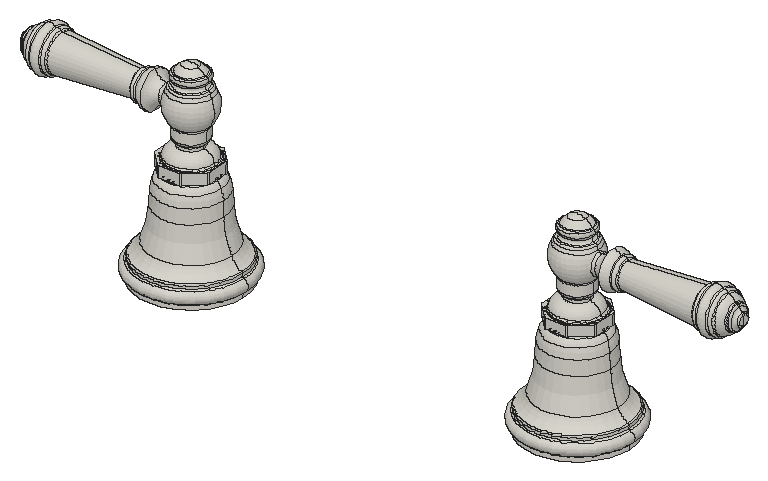
Revit family "Shower-Trim-KOHLER-ARTIFACTS-K-97038BR_1", category Plumbing Fixtures, host Face, Revit 2017 (continued)
Definition of nested family "K-97038BR"
  Automatic sketch dimensions
    curve 86 to curve 85 = 0.21249"
    curve 65 to curve 64 = 0.02265"
    curve 85 to curve 84 = 0.04039"
    curve 76 to curve 75 = 0.07237"
    curve 75 to curve 74 = 0.00359"
    curve 74 to curve 73 = 0.01937"
    curve 73 to curve 72 = 0.01682"
    curve 64 to curve 63 = 0.10744"
    curve 63 to curve 62 = 0.01523"
    curve 84 to curve 77 = 0.10602"
    curve 62 to curve 61 = 0.02315"
    curve 61 to curve 60 = 0.08583"
    curve 60 to curve 60 = 0.26633"
    curve 60 to curve 61 = 0.08583"
    curve 61 to curve 62 = 0.02315"
    curve 62 to curve 63 = 0.01523"
    curve 72 to plane 14 = 0.49535"
    curve 72 to curve 73 = 0.01682"
    curve 73 to curve 74 = 0.01937"
    curve 74 to curve 75 = 0.00359"
    curve 77 to curve 83 = 0.07215"
    curve 83 to curve 82 = 0.03072"
    curve 63 to curve 64 = 0.10744"
    curve 71 to plane 14 = 0.38326"
    curve 75 to curve 76 = 0.07237"
    curve 64 to curve 65 = 0.02265"
    curve 71 to curve 70 = 0.01651"
    curve 65 to curve 66 = 0.02545"
    curve 70 to curve 69 = 0.02112"
    curve 69 to curve 68 = 0.00958"
    curve 66 to curve 67 = 0.00982"
    curve 82 to curve 81 = 0.11326"
    curve 81 to curve 80 = 0.03661"
    curve 80 to curve 79 = 0.07955"
    curve 79 to curve 78 = 0.01773"
    Revolve 1 sketch curve to level = 0"  (x2)
    Revolve 1 sketch curve to plane 4 = 0"  (x3)
    Revolve 1 sketch curve to plane 14 = 0"
    Revolve 1 sketch curve to plane 4 = 0.23196"
    Revolve 1 sketch curve to plane 4 = 0.23699"
    Revolve 1 sketch curve to plane 4 = 0.25047"
    Revolve 1 sketch curve to Revolve 1 sketch curve = 0.04542"
    Revolve 1 sketch curve to Revolve 1 sketch curve = 0.03508"
    Revolve 1 sketch curve to Revolve 1 sketch curve = 0.03042"
    Revolve 1 sketch curve to Revolve 1 sketch curve = 0.00189"
    Revolve 1 sketch curve to Revolve 1 sketch curve = 0.05975"
    Revolve 1 sketch curve to Revolve 1 sketch curve = 0.03985"
    Revolve 1 sketch curve to Revolve 1 sketch curve = 0.06538"
    Revolve 1 sketch curve to Revolve 1 sketch curve = 0.00577"
    Revolve 1 sketch curve to plane 4 = 0.35486"
    Revolve 1 sketch curve to Revolve 1 sketch curve = 0.03707"
    Revolve 1 sketch curve to Revolve 1 sketch curve = 0.05779"
    Revolve 1 sketch curve to Revolve 1 sketch curve = 0.25968"
    Revolve 1 sketch curve to Revolve 1 sketch curve = 0.00979"
    Revolve 1 sketch curve to Revolve 1 sketch curve = 0.01206"
    Revolve 1 sketch curve to Revolve 1 sketch curve = 0.02323"
    Revolve 1 sketch curve to Revolve 1 sketch curve = 0.00772"
    Revolve 1 sketch curve to Revolve 1 sketch curve = 0.03737"
    Revolve 1 sketch curve to Revolve 1 sketch curve = 0.00253"
    Revolve 1 sketch curve to Revolve 1 sketch curve = 0.37291"
    plane 7 to Revolve 1 sketch curve = 0.15117"
    plane 7 to Revolve 1 sketch curve = 0.1234"
    Revolve 1 sketch curve to Revolve 1 sketch curve = 0.0328"
    plane 7 to Revolve 1 sketch curve = 0.10074"
    Revolve 1 sketch curve to Revolve 1 sketch curve = 0.02903"
    Revolve 1 sketch curve to Revolve 1 sketch curve = 7/256"
    Revolve 1 sketch curve to plane 7 = 0.09831"
    Revolve 1 sketch curve to plane 13 = 0.85423"
    plane 4 to Revolve 1 sketch curve = 0.10568"
    plane 4 to Revolve 1 sketch curve = 0.14488"
    Revolve 1 sketch curve to plane 11 = 1.05667"
    Revolve 1 sketch curve to Revolve 1 sketch curve = 0.0902"
    Revolve 1 sketch curve to Revolve 1 sketch curve = 0.13819"
    Revolve 1 sketch curve to Revolve 1 sketch curve = 0.14469"
    Revolve 1 sketch curve to Revolve 1 sketch curve = 0.05464"
    Revolve 1 sketch curve to Revolve 1 sketch curve = 0.44392"
    level to Revolve 1 sketch curve = 1.11105"
    Revolve 1 sketch curve to Revolve 1 sketch curve = 0.54062"
    level to Revolve 1 sketch curve = 1.56074"
    Revolve 1 sketch curve to Revolve 1 sketch curve = 0.17513"
    Revolve 1 sketch curve to Revolve 1 sketch curve = 0.23624"
    Revolve 1 sketch curve to Revolve 1 sketch curve = 0.05401"
    Revolve 1 sketch curve to Revolve 1 sketch curve = 0.15011"
    Revolve 1 sketch curve to Revolve 1 sketch curve = 0.02327"
    Revolve 1 sketch curve to Revolve 1 sketch curve = 0.00954"
    Revolve 1 sketch curve to Revolve 1 sketch curve = 0.03174"
    Revolve 1 sketch curve to Revolve 1 sketch curve = 0.23929"
    Revolve 1 sketch curve to Revolve 1 sketch curve = 0.05623"
    Revolve 1 sketch curve to Revolve 1 sketch curve = 0.09649"
    Revolve 1 sketch curve to Revolve 1 sketch curve = 0.21249"
    Revolve 1 sketch curve to Revolve 1 sketch curve = 0.37448"
    Revolve 1 sketch curve to Revolve 1 sketch curve = 0.29552"
    Revolve 1 sketch curve to Revolve 1 sketch curve = 0.30444"
    Revolve 1 sketch curve to Revolve 1 sketch curve = 0.10409"
    Revolve 1 sketch curve to plane 14 = 0.33365"
    Revolve 1 sketch curve to Revolve 1 sketch curve = 0.15987"
    Revolve 1 sketch curve to Revolve 1 sketch curve = 0.0765"
    Revolve 1 sketch curve to Revolve 1 sketch curve = 0.03094"
    Revolve 1 sketch curve to Revolve 1 sketch curve = 0.01405"
    Revolve 1 sketch curve to Revolve 1 sketch curve = 0.04796"
    Revolve 1 sketch curve to Revolve 1 sketch curve = 0.0669"
    Revolve 1 sketch curve to Revolve 1 sketch curve = 0"  (x15)
    Revolve 1 sketch curve to Revolve 1 sketch curve = 0.03133"
    Revolve 1 sketch curve to Revolve 1 sketch curve = 0.01889"
    Revolve 1 sketch curve to Revolve 1 sketch curve = 0.37368"
    Extrusion 2 sketch curve to plane 4 = 0.55"
    Extrusion 2 sketch curve to plane 1 "Center (Front/Back)" = 0.2404"  (x2)
    Extrusion 2 sketch curve to Extrusion 2 sketch curve = 0.01259"  (x2)
    plane 1 "Center (Front/Back)" to Extrusion 2 sketch curve = 0.24047"
    Extrusion 2 sketch curve to Extrusion 2 sketch curve = 0.01266"
    Extrusion 2 sketch curve to Extrusion 2 sketch curve = 0.03038"  (x9)
    Extrusion 2 sketch curve to Extrusion 2 sketch curve = 0.03055"
    Extrusion 2 sketch curve to plane 4 = 0.2404"  (x2)
    plane 4 to Extrusion 2 sketch curve = 0.21002"  (x2)
    Extrusion 2 sketch curve to Extrusion 2 sketch curve = 0.29701"  (x4)
    plane 1 "Center (Front/Back)" to Extrusion 2 sketch curve = 0.2404"
    Extrusion 2 sketch curve to Extrusion 2 sketch curve = 0.29711"
    Extrusion 2 sketch curve to Extrusion 2 sketch curve = 0"
    plane 13 to Revolve 3 sketch curve = 0"
    plane 13 to Revolve 3 sketch curve = 0.00264"
    Revolve 3 sketch curve to Revolve 3 sketch curve = 0.02827"
    Revolve 3 sketch curve to plane 13 = 0.12122"
    Revolve 3 sketch curve to Revolve 3 sketch curve = 0.03155"
    Revolve 3 sketch curve to Revolve 3 sketch curve = 0.14593"
    Revolve 3 sketch curve to Revolve 3 sketch curve = 0.2259"
    Revolve 3 sketch curve to Revolve 3 sketch curve = 0.08175"
    Revolve 3 sketch curve to Revolve 3 sketch curve = 0.04028"
    Revolve 3 sketch curve to Revolve 3 sketch curve = 0.11033"
    Revolve 3 sketch curve to Revolve 3 sketch curve = 0.10963"
    Revolve 3 sketch curve to Revolve 3 sketch curve = 0.03994"
    Revolve 3 sketch curve to Revolve 3 sketch curve = 0.06991"
    Revolve 3 sketch curve to Revolve 3 sketch curve = 0.00208"
    plane 7 to Revolve 3 sketch curve = 0.12917"
    Revolve 3 sketch curve to Revolve 3 sketch curve = 0.00192"
    Revolve 3 sketch curve to Revolve 3 sketch curve = 0.07301"
    Revolve 3 sketch curve to Revolve 3 sketch curve = 0.04944"
    Revolve 3 sketch curve to Revolve 3 sketch curve = 0.18093"
    Revolve 3 sketch curve to Revolve 3 sketch curve = 0.23708"
    Revolve 3 sketch curve to Revolve 3 sketch curve = 0.01901"
    Revolve 3 sketch curve to Revolve 3 sketch curve = 0.10829"
    Revolve 3 sketch curve to plane 4 = 0.15062"
    Revolve 3 sketch curve to plane 14 = 0.7586"
    Revolve 3 sketch curve to Revolve 3 sketch curve = 0.10575"
    Revolve 3 sketch curve to Revolve 3 sketch curve = 0.04105"
    Revolve 3 sketch curve to plane 14 = 0.59369"
    Revolve 3 sketch curve to Revolve 3 sketch curve = 0.11065"
    Revolve 3 sketch curve to Revolve 3 sketch curve = 0.12319"
    Revolve 3 sketch curve to Revolve 3 sketch curve = 0.02575"
    Revolve 3 sketch curve to Revolve 3 sketch curve = 0.24755"
    Revolve 3 sketch curve to Revolve 3 sketch curve = 0.09596"
    Revolve 3 sketch curve to Revolve 3 sketch curve = 0.00238"
    Revolve 3 sketch curve to Revolve 3 sketch curve = 0.02951"
    Revolve 3 sketch curve to Revolve 3 sketch curve = 0.02752"
    Revolve 3 sketch curve to Revolve 3 sketch curve = 0.06137"
    Revolve 3 sketch curve to Revolve 3 sketch curve = 0.08102"
    Revolve 3 sketch curve to Revolve 3 sketch curve = 57/256"
    Revolve 3 sketch curve to Revolve 3 sketch curve = 0.22334"
    Revolve 3 sketch curve to Revolve 3 sketch curve = 0.00109"
    Revolve 3 sketch curve to Revolve 3 sketch curve = 0.00587"
    Revolve 3 sketch curve to Revolve 3 sketch curve = 0.03036"
    Revolve 3 sketch curve to Revolve 3 sketch curve = 0.02969"
    Revolve 3 sketch curve to Revolve 3 sketch curve = 0.06759"
    Revolve 3 sketch curve to Revolve 3 sketch curve = 0.0677"
    Revolve 3 sketch curve to Revolve 3 sketch curve = 17/128"
    Revolve 3 sketch curve to Revolve 3 sketch curve = 0"  (x13)
    Revolve 3 sketch curve to Revolve 3 sketch curve = 0.15961"
    Revolve 3 sketch curve to Revolve 3 sketch curve = 0.13082"
    Masking region 1 sketch curve to Masking region 1 sketch curve = 0"  (x62)
    plane 13 to Masking region 1 sketch curve = 0"
    Masking region 1 sketch curve to level = 0"
    Masking region 1 sketch curve to plane 4 = 0"  (x3)
    Masking region 1 sketch curve to plane 14 = 0"
    plane 13 to Masking region 1 sketch curve = 0.00264"  (x2)
    level to Masking region 1 sketch curve = 1.11105"  (x2)
    plane 13 to Masking region 1 sketch curve = 2.27011"
    Masking region 1 sketch curve to Masking region 1 sketch curve = 0.02827"  (x2)
    Masking region 1 sketch curve to plane 13 = 0.12122"  (x2)
    Masking region 1 sketch curve to Masking region 1 sketch curve = 0.03155"  (x2)
    Masking region 1 sketch curve to Masking region 1 sketch curve = 0.14593"  (x2)
    Masking region 1 sketch curve to Masking region 1 sketch curve = 0.2259"  (x2)
    Masking region 1 sketch curve to Masking region 1 sketch curve = 0.08175"  (x2)
    Masking region 1 sketch curve to Masking region 1 sketch curve = 0.04028"  (x2)
    Masking region 1 sketch curve to Masking region 1 sketch curve = 0.11033"  (x2)
    Masking region 1 sketch curve to Masking region 1 sketch curve = 0.10963"  (x2)
    Masking region 1 sketch curve to Masking region 1 sketch curve = 0.03994"  (x2)
    Masking region 1 sketch curve to Masking region 1 sketch curve = 0.06991"  (x2)
    Masking region 1 sketch curve to Masking region 1 sketch curve = 0.00208"  (x2)
    Masking region 1 sketch curve to plane 13 = 0.85423"
    Masking region 1 sketch curve to plane 7 = 0.09831"
    plane 7 to Masking region 1 sketch curve = 0.0734"
    plane 7 to Masking region 1 sketch curve = 0.08933"
    Masking region 1 sketch curve to Masking region 1 sketch curve = 7/256"  (x2)
    Masking region 1 sketch curve to Masking region 1 sketch curve = 0.02903"  (x2)
    plane 7 to Masking region 1 sketch curve = 0.1234"
    plane 7 to Masking region 1 sketch curve = 0.12917"  (x2)
    Masking region 1 sketch curve to Masking region 1 sketch curve = 0.00192"  (x2)
    Masking region 1 sketch curve to Masking region 1 sketch curve = 0.0328"  (x2)
    Masking region 1 sketch curve to Masking region 1 sketch curve = 0.07301"  (x2)
    Masking region 1 sketch curve to Masking region 1 sketch curve = 0.04944"  (x2)
    Masking region 1 sketch curve to Masking region 1 sketch curve = 0.15706"
    Masking region 1 sketch curve to Masking region 1 sketch curve = 0.18093"  (x2)
    Masking region 1 sketch curve to plane 4 = 0.54862"
    Masking region 1 sketch curve to Masking region 1 sketch curve = 0.00253"  (x2)
    Masking region 1 sketch curve to Masking region 1 sketch curve = 0.01847"
    Masking region 1 sketch curve to Masking region 1 sketch curve = 0.02619"  (x2)
    Masking region 1 sketch curve to Masking region 1 sketch curve = 0.03737"
    Masking region 1 sketch curve to Masking region 1 sketch curve = 0.02116"
    Masking region 1 sketch curve to Masking region 1 sketch curve = 0.03095"
    Masking region 1 sketch curve to Masking region 1 sketch curve = 0.26095"
    Masking region 1 sketch curve to Masking region 1 sketch curve = 0.23708"
    Masking region 1 sketch curve to Masking region 1 sketch curve = 0.00863"
    Masking region 1 sketch curve to Masking region 1 sketch curve = 0.01672"
    Masking region 1 sketch curve to Masking region 1 sketch curve = 0.01901"  (x2)
    Masking region 1 sketch curve to Masking region 1 sketch curve = 0.10861"
    Masking region 1 sketch curve to Masking region 1 sketch curve = 0.09294"
    Masking region 1 sketch curve to Masking region 1 sketch curve = 0.19377"
    Masking region 1 sketch curve to Masking region 1 sketch curve = 0.13462"
    Masking region 1 sketch curve to Masking region 1 sketch curve = 0.03707"  (x2)
    Masking region 1 sketch curve to Masking region 1 sketch curve = 0.14738"
    Masking region 1 sketch curve to Masking region 1 sketch curve = 0.01519"
    Masking region 1 sketch curve to Masking region 1 sketch curve = 0.07015"
    Masking region 1 sketch curve to Masking region 1 sketch curve = 0.00189"  (x2)
    Masking region 1 sketch curve to Masking region 1 sketch curve = 0.03985"  (x2)
    Masking region 1 sketch curve to Masking region 1 sketch curve = 0.03042"  (x2)
    Masking region 1 sketch curve to Masking region 1 sketch curve = 0.05975"  (x2)
    Masking region 1 sketch curve to plane 4 = 0.23699"
    Masking region 1 sketch curve to Masking region 1 sketch curve = 0.04542"  (x2)
    Masking region 1 sketch curve to plane 4 = 0.14488"
    Masking region 1 sketch curve to plane 4 = 0.10568"
    plane 4 to Masking region 1 sketch curve = 0.10568"
    plane 4 to Masking region 1 sketch curve = 0.14488"
    plane 4 to Masking region 1 sketch curve = 0.23196"
    plane 4 to Masking region 1 sketch curve = 0.23699"
    plane 4 to Masking region 1 sketch curve = 0.25047"
    Masking region 1 sketch curve to Masking region 1 sketch curve = 0.03508"
    Masking region 1 sketch curve to Masking region 1 sketch curve = 0.06538"
    Masking region 1 sketch curve to Masking region 1 sketch curve = 0.00577"
    Masking region 1 sketch curve to Masking region 1 sketch curve = 0.20998"
    Masking region 1 sketch curve to Masking region 1 sketch curve = 0.05779"
    Masking region 1 sketch curve to Masking region 1 sketch curve = 0.25968"
    Masking region 1 sketch curve to Masking region 1 sketch curve = 0.00979"
    Masking region 1 sketch curve to Masking region 1 sketch curve = 0.01206"
    Masking region 1 sketch curve to Masking region 1 sketch curve = 0.02323"
    Masking region 1 sketch curve to Masking region 1 sketch curve = 0.00772"
    Masking region 1 sketch curve to Masking region 1 sketch curve = 0.37291"
    plane 8 to Masking region 1 sketch curve = 0.15117"
    plane 8 to Masking region 1 sketch curve = 0.1234"
    plane 8 to Masking region 1 sketch curve = 0.10074"
    Masking region 1 sketch curve to plane 8 = 0.09831"
    Masking region 1 sketch curve to Masking region 1 sketch curve = 0.0902"  (x2)
    Masking region 1 sketch curve to Masking region 1 sketch curve = 0.13819"  (x2)
    Masking region 1 sketch curve to Masking region 1 sketch curve = 0.14469"  (x2)
    Masking region 1 sketch curve to Masking region 1 sketch curve = 0.05464"  (x2)
    Masking region 1 sketch curve to Masking region 1 sketch curve = 0.44392"  (x2)
    Masking region 1 sketch curve to Masking region 1 sketch curve = 0.54062"  (x2)
    Masking region 1 sketch curve to Masking region 1 sketch curve = 0.68911"
    Masking region 1 sketch curve to Masking region 1 sketch curve = 0.17513"  (x2)
    Masking region 1 sketch curve to Masking region 1 sketch curve = 0.23624"  (x2)
    Masking region 1 sketch curve to Masking region 1 sketch curve = 0.05401"  (x2)
    Masking region 1 sketch curve to Masking region 1 sketch curve = 0.15011"  (x2)
    Masking region 1 sketch curve to Masking region 1 sketch curve = 0.02327"  (x2)
    Masking region 1 sketch curve to Masking region 1 sketch curve = 0.00954"  (x2)
    Masking region 1 sketch curve to Masking region 1 sketch curve = 0.03174"  (x2)
    Masking region 1 sketch curve to Masking region 1 sketch curve = 0.23929"  (x2)
    Masking region 1 sketch curve to Masking region 1 sketch curve = 0.05623"  (x2)
    Masking region 1 sketch curve to Masking region 1 sketch curve = 0.09649"  (x2)
    Masking region 1 sketch curve to Masking region 1 sketch curve = 0.1255"
    Masking region 1 sketch curve to plane 14 = 1.19643"
    Masking region 1 sketch curve to Masking region 1 sketch curve = 0.00077"
    Masking region 1 sketch curve to Masking region 1 sketch curve = 0.03203"
    Masking region 1 sketch curve to Masking region 1 sketch curve = 0.03733"
    Masking region 1 sketch curve to Masking region 1 sketch curve = 0.02969"  (x2)
    Masking region 1 sketch curve to Masking region 1 sketch curve = 0.08699"
    Masking region 1 sketch curve to Masking region 1 sketch curve = 0.21249"
    Masking region 1 sketch curve to Masking region 1 sketch curve = 0.06651"
    Masking region 1 sketch curve to Masking region 1 sketch curve = 0.0677"  (x2)
    Masking region 1 sketch curve to Masking region 1 sketch curve = 0.00587"  (x2)
    Masking region 1 sketch curve to Masking region 1 sketch curve = 0.04584"
    Masking region 1 sketch curve to Masking region 1 sketch curve = 0.00633"
    Masking region 1 sketch curve to Masking region 1 sketch curve = 0.03147"
    Masking region 1 sketch curve to Masking region 1 sketch curve = 0.12885"
    Masking region 1 sketch curve to Masking region 1 sketch curve = 0.02752"  (x2)
    Masking region 1 sketch curve to Masking region 1 sketch curve = 0.00238"  (x2)
    Masking region 1 sketch curve to Masking region 1 sketch curve = 0.07071"
    Masking region 1 sketch curve to Masking region 1 sketch curve = 0.02951"  (x2)
    Masking region 1 sketch curve to Masking region 1 sketch curve = 0.01321"
    Masking region 1 sketch curve to Masking region 1 sketch curve = 0.02575"  (x2)
    Masking region 1 sketch curve to Masking region 1 sketch curve = 0.15733"
    Masking region 1 sketch curve to Masking region 1 sketch curve = 0.22334"  (x2)
    Masking region 1 sketch curve to Masking region 1 sketch curve = 0.12319"  (x2)
    Masking region 1 sketch curve to Masking region 1 sketch curve = 0.10575"  (x2)
    Masking region 1 sketch curve to Masking region 1 sketch curve = 0.37448"
    Masking region 1 sketch curve to Masking region 1 sketch curve = 0.2936"
    Masking region 1 sketch curve to Masking region 1 sketch curve = 0.32981"
    Masking region 1 sketch curve to Masking region 1 sketch curve = 0.11065"
    Masking region 1 sketch curve to Masking region 1 sketch curve = 0.09596"
    Masking region 1 sketch curve to Masking region 1 sketch curve = 0.10388"
    Masking region 1 sketch curve to Masking region 1 sketch curve = 0.29552"
    Masking region 1 sketch curve to Masking region 1 sketch curve = 0.0268"
    Masking region 1 sketch curve to Masking region 1 sketch curve = 0.00892"
    Masking region 1 sketch curve to Masking region 1 sketch curve = 0.06137"
    Masking region 1 sketch curve to Masking region 1 sketch curve = 0.05978"
    Masking region 1 sketch curve to Masking region 1 sketch curve = 57/256"
    Masking region 1 sketch curve to Masking region 1 sketch curve = 0.00109"
    Masking region 1 sketch curve to Masking region 1 sketch curve = 0.10409"  (x2)
    Masking region 1 sketch curve to Masking region 1 sketch curve = 0.03036"
    Masking region 1 sketch curve to plane 14 = 0.33365"
    Masking region 1 sketch curve to Masking region 1 sketch curve = 0.10271"
    Masking region 1 sketch curve to Masking region 1 sketch curve = 0.06759"
    Masking region 1 sketch curve to Masking region 1 sketch curve = 17/128"
    Masking region 1 sketch curve to Masking region 1 sketch curve = 0.15987"
    Masking region 1 sketch curve to Masking region 1 sketch curve = 0.0765"  (x2)
    Masking region 1 sketch curve to Masking region 1 sketch curve = 0.03094"  (x2)
    Masking region 1 sketch curve to Masking region 1 sketch curve = 0.01405"  (x2)
    Masking region 1 sketch curve to Masking region 1 sketch curve = 0.04796"  (x2)
    Masking region 1 sketch curve to Masking region 1 sketch curve = 0.0669"  (x2)
    Masking region 1 sketch curve to Masking region 1 sketch curve = 0.02464"
    Masking region 1 sketch curve to Masking region 1 sketch curve = 0.15961"
    Masking region 1 sketch curve to Masking region 1 sketch curve = 0.03986"
    Masking region 1 sketch curve to Masking region 1 sketch curve = 0.03133"
    Masking region 1 sketch curve to Masking region 1 sketch curve = 0.01889"
    Masking region 2 sketch curve to level = 0"
    Masking region 2 sketch curve to plane 1 "Center (Front/Back)" = 0"
    plane 1 "Center (Front/Back)" to Masking region 2 sketch curve = 0.00378"  (x2)
    plane 1 "Center (Front/Back)" to Masking region 2 sketch curve = 0.1019"
    plane 1 "Center (Front/Back)" to Masking region 2 sketch curve = 0.1411"
    plane 1 "Center (Front/Back)" to Masking region 2 sketch curve = 0.23574"
    plane 1 "Center (Front/Back)" to Masking region 2 sketch curve = 0.24077"
    Masking region 2 sketch curve to Masking region 2 sketch curve = 0.01347"
    Masking region 2 sketch curve to Masking region 2 sketch curve = 0.04542"  (x2)
    Masking region 2 sketch curve to Masking region 2 sketch curve = 0.03508"  (x2)
    Masking region 2 sketch curve to Masking region 2 sketch curve = 0.03042"  (x2)
    Masking region 2 sketch curve to Masking region 2 sketch curve = 0.00189"  (x2)
    Masking region 2 sketch curve to Masking region 2 sketch curve = 0.05975"  (x2)
    Masking region 2 sketch curve to Masking region 2 sketch curve = 0.03985"  (x2)
    Masking region 2 sketch curve to Masking region 2 sketch curve = 0.06538"  (x2)
    Masking region 2 sketch curve to Masking region 2 sketch curve = 0.00577"  (x2)
    Masking region 2 sketch curve to Masking region 2 sketch curve = 0.21754"  (x2)
    Masking region 2 sketch curve to Masking region 2 sketch curve = 0.03707"  (x2)
    Masking region 2 sketch curve to Masking region 2 sketch curve = 0.05779"  (x2)
    Masking region 2 sketch curve to Masking region 2 sketch curve = 0.25968"  (x2)
    Masking region 2 sketch curve to Masking region 2 sketch curve = 0.00979"  (x2)
    Masking region 2 sketch curve to Masking region 2 sketch curve = 0.01206"  (x2)
    Masking region 2 sketch curve to Masking region 2 sketch curve = 0.02323"  (x2)
    Masking region 2 sketch curve to Masking region 2 sketch curve = 0.00772"  (x2)
    Masking region 2 sketch curve to Masking region 2 sketch curve = 0.03737"
    Masking region 2 sketch curve to Masking region 2 sketch curve = 0.00253"  (x2)
    Masking region 2 sketch curve to Masking region 2 sketch curve = 0.37291"  (x2)
    Masking region 2 sketch curve to plane 9 = 0.14739"
    Masking region 2 sketch curve to plane 9 = 0.11962"
    Masking region 2 sketch curve to Masking region 2 sketch curve = 0.0328"  (x2)
    Masking region 2 sketch curve to plane 9 = 0.09696"
    Masking region 2 sketch curve to Masking region 2 sketch curve = 0.02903"  (x2)
    Masking region 2 sketch curve to Masking region 2 sketch curve = 7/256"  (x2)
    plane 9 to Masking region 2 sketch curve = 0.10209"
    plane 9 to Masking region 2 sketch curve = 1.37396"
    level to Masking region 2 sketch curve = 1.11105"  (x2)
    Masking region 2 sketch curve to Masking region 2 sketch curve = 3.11677"  (x2)
    Masking region 2 sketch curve to plane 1 "Center (Front/Back)" = 0.00378"  (x2)
    Masking region 2 sketch curve to plane 1 "Center (Front/Back)" = 0.00675"
    Masking region 2 sketch curve to plane 1 "Center (Front/Back)" = 0.1019"
    Masking region 2 sketch curve to plane 1 "Center (Front/Back)" = 0.1411"
    Masking region 2 sketch curve to plane 1 "Center (Front/Back)" = 0.23574"
    Masking region 2 sketch curve to plane 1 "Center (Front/Back)" = 0.24077"
    Masking region 2 sketch curve to plane 1 "Center (Front/Back)" = 0.25425"
    Masking region 2 sketch curve to Masking region 2 sketch curve = 0.02619"
    Masking region 2 sketch curve to plane 6 = 0.14739"
    Masking region 2 sketch curve to plane 6 = 0.11962"
    Masking region 2 sketch curve to plane 6 = 0.09696"
    plane 6 to Masking region 2 sketch curve = 0.10209"
    plane 6 to Masking region 2 sketch curve = 1.37396"
    Masking region 2 sketch curve to Masking region 2 sketch curve = 0.0902"
    level to Masking region 2 sketch curve = 0.0902"
    Masking region 2 sketch curve to Masking region 2 sketch curve = 0.13819"  (x2)
    Masking region 2 sketch curve to Masking region 2 sketch curve = 0.14469"  (x2)
    Masking region 2 sketch curve to Masking region 2 sketch curve = 0.05464"  (x2)
    Masking region 2 sketch curve to Masking region 2 sketch curve = 0.44392"  (x2)
    Masking region 2 sketch curve to Masking region 2 sketch curve = 0.54062"  (x2)
    Masking region 2 sketch curve to Masking region 2 sketch curve = 0.68911"
    Masking region 2 sketch curve to Masking region 2 sketch curve = 0"  (x34)
    Masking region 2 sketch curve to Masking region 2 sketch curve = 0.17513"  (x2)
    Masking region 2 sketch curve to Masking region 2 sketch curve = 0.23624"  (x2)
    Masking region 2 sketch curve to Masking region 2 sketch curve = 0.05401"  (x2)
    Masking region 2 sketch curve to Masking region 2 sketch curve = 0.15011"  (x2)
    Masking region 2 sketch curve to Masking region 2 sketch curve = 0.02327"  (x2)
    Masking region 2 sketch curve to Masking region 2 sketch curve = 0.00954"  (x2)
    Masking region 2 sketch curve to Masking region 2 sketch curve = 0.03174"  (x2)
    Masking region 2 sketch curve to Masking region 2 sketch curve = 0.23929"  (x2)
    Masking region 2 sketch curve to Masking region 2 sketch curve = 0.05623"  (x2)
    Masking region 2 sketch curve to Masking region 2 sketch curve = 0.09649"  (x2)
    Masking region 2 sketch curve to Masking region 2 sketch curve = 0.21249"  (x2)
    Masking region 2 sketch curve to Masking region 2 sketch curve = 0.37448"
    Masking region 2 sketch curve to Masking region 2 sketch curve = 0.29552"  (x2)
    Masking region 2 sketch curve to Masking region 2 sketch curve = 0.00892"
    Masking region 2 sketch curve to Masking region 2 sketch curve = 0.10409"  (x2)
    Masking region 2 sketch curve to plane 14 = 0.33365"  (x2)
    Masking region 2 sketch curve to Masking region 2 sketch curve = 0.15987"
    Masking region 2 sketch curve to Masking region 2 sketch curve = 0.0765"  (x2)
    Masking region 2 sketch curve to Masking region 2 sketch curve = 0.03094"  (x2)
    Masking region 2 sketch curve to Masking region 2 sketch curve = 0.01405"  (x2)
    Masking region 2 sketch curve to Masking region 2 sketch curve = 0.04796"  (x2)
    Masking region 2 sketch curve to Masking region 2 sketch curve = 0.0669"  (x2)
    Masking region 2 sketch curve to plane 14 = 0.04878"
    Masking region 2 sketch curve to Masking region 2 sketch curve = 0.03133"  (x2)
    Masking region 2 sketch curve to Masking region 2 sketch curve = 0.01889"  (x2)
    Masking region 3 sketch curve to plane 13 = 0"
    plane 1 "Center (Front/Back)" to Masking region 3 sketch curve = 0"  (x2)
    Masking region 3 sketch curve to plane 4 = 0"
    plane 13 to Masking region 3 sketch curve = 0.00264"  (x2)
    Masking region 3 sketch curve to plane 13 = 0.02827"  (x2)
    Masking region 3 sketch curve to plane 13 = 0.12122"  (x2)
    Masking region 3 sketch curve to Masking region 3 sketch curve = 0.03155"  (x2)
    Masking region 3 sketch curve to Masking region 3 sketch curve = 0.14593"  (x2)
    Masking region 3 sketch curve to Masking region 3 sketch curve = 0.2259"  (x2)
    Masking region 3 sketch curve to Masking region 3 sketch curve = 0.08175"  (x2)
    Masking region 3 sketch curve to Masking region 3 sketch curve = 0.04028"  (x2)
    Masking region 3 sketch curve to Masking region 3 sketch curve = 0.11033"  (x2)
    Masking region 3 sketch curve to Masking region 3 sketch curve = 0.10963"  (x2)
    Masking region 3 sketch curve to Masking region 3 sketch curve = 0.03994"  (x2)
    Masking region 3 sketch curve to Masking region 3 sketch curve = 0.06991"  (x2)
    Masking region 3 sketch curve to Masking region 3 sketch curve = 0.00208"  (x2)
    plane 7 to Masking region 3 sketch curve = 0.03183"  (x2)
    plane 1 "Center (Front/Back)" to Masking region 3 sketch curve = 0.4005"
    plane 1 "Center (Front/Back)" to Masking region 3 sketch curve = 0.40503"
    Masking region 3 sketch curve to Masking region 3 sketch curve = 0.03203"
    Masking region 3 sketch curve to Masking region 3 sketch curve = 0.03733"
    Masking region 3 sketch curve to Masking region 3 sketch curve = 0.02969"  (x2)
    Masking region 3 sketch curve to Masking region 3 sketch curve = 0.06651"
    Masking region 3 sketch curve to Masking region 3 sketch curve = 0.0677"  (x2)
    Masking region 3 sketch curve to Masking region 3 sketch curve = 0.00587"  (x2)
    Masking region 3 sketch curve to Masking region 3 sketch curve = 0.12885"
    plane 1 "Center (Front/Back)" to Masking region 3 sketch curve = 0.27005"
    Masking region 3 sketch curve to Masking region 3 sketch curve = 0.02951"  (x2)
    Masking region 3 sketch curve to Masking region 3 sketch curve = 0.01321"
    Masking region 3 sketch curve to Masking region 3 sketch curve = 0.02575"  (x2)
    plane 1 "Center (Front/Back)" to Masking region 3 sketch curve = 0.1468"
    plane 1 "Center (Front/Back)" to Masking region 3 sketch curve = 0.10575"
    Masking region 3 sketch curve to plane 1 "Center (Front/Back)" = 0.10575"
    Masking region 3 sketch curve to plane 1 "Center (Front/Back)" = 0.1468"
    Masking region 3 sketch curve to Masking region 3 sketch curve = 0.11065"
    Masking region 3 sketch curve to Masking region 3 sketch curve = 0.12319"
    Masking region 3 sketch curve to plane 1 "Center (Front/Back)" = 0.36947"
    Masking region 3 sketch curve to Masking region 3 sketch curve = 0.22334"
    Masking region 3 sketch curve to Masking region 3 sketch curve = 0.00109"
    Masking region 3 sketch curve to Masking region 3 sketch curve = 0.03036"
    Masking region 3 sketch curve to Masking region 3 sketch curve = 0.06759"
    Masking region 3 sketch curve to Masking region 3 sketch curve = 0"  (x16)
    Revolve 4 sketch curve to level = 0"  (x2)
    Revolve 4 sketch curve to plane 7 = 0"
    Revolve 4 sketch curve to plane 14 = 0"
    Revolve 4 sketch curve to plane 4 = 0"  (x2)
    plane 7 to Revolve 4 sketch curve = 0.1351"
    Revolve 4 sketch curve to plane 4 = 0.4785"
    Revolve 4 sketch curve to Revolve 4 sketch curve = 0.45631"  (x2)
    Revolve 4 sketch curve to plane 14 = 1.7315"
    plane 1 "Center (Front/Back)" to Extrusion 6 sketch curve = 0"
    Extrusion 6 sketch curve to plane 4 = 0"
    Extrusion 5 sketch curve to plane 1 "Center (Front/Back)" = 0"
    Extrusion 5 sketch curve to plane 14 = 0.7586"
    Masking region 1 sketch curve to plane 8 = 1.37018"
    Masking region 1 sketch curve to plane 11 = 1.05667"
    radius of curve 12 = 0.28169"
    radius of curve 13 = 0.30922"
    radius of curve 14 = 0.38514"
    radius of curve 3 = 0.41889"
    radius of curve 4 = 1/4"
    radius of curve 131 = 0.2047"
    radius of curve 132 = 0.13021"
    radius of curve 133 = 0.14608"
    radius of Extrusion 6 sketch curve = 0.07789"
    radius of Extrusion 5 sketch curve = 0.39671"
